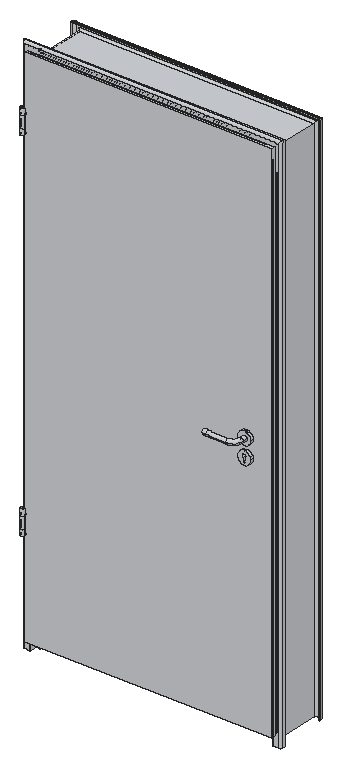
Revit family "BOS-Rundspiegelzarge-1rUud-MW_Familie", category Türen, Revit 2017 (continued)
Definition of nested family "BOS-Band-VX_Modell"
  Automatic sketch dimensions
    Extrusion 8 sketch curve to plane 1 = 1.214 mm
    Extrusion 8 sketch curve to Extrusion 8 sketch curve = 3.496 mm
    plane 1 to Extrusion 8 sketch curve = 4.667 mm
    Extrusion 8 sketch curve to Extrusion 8 sketch curve = 2.431 mm
    Extrusion 8 sketch curve to Extrusion 8 sketch curve = 0.001 mm
    Extrusion 8 sketch curve to Extrusion 8 sketch curve = 0.021 mm
    Extrusion 8 sketch curve to plane 1 = 0.017 mm
    Extrusion 8 sketch curve to Extrusion 8 sketch curve = 0.149 mm
    Extrusion 8 sketch curve to Extrusion 8 sketch curve = 2.05 mm
    Extrusion 9 sketch curve to Extrusion 9 sketch curve = 0 mm  (x6)
    Extrusion 9 sketch curve to curve 1 = 0 mm
    curve 1 to Extrusion 9 sketch curve = 0 mm
    Extrusion 9 sketch curve to curve 1 = 5.051 mm
    Extrusion 9 sketch curve to Extrusion 9 sketch curve = 4.091 mm
    Extrusion 9 sketch curve to curve 1 = 7.771 mm
    Extrusion 9 sketch curve to Extrusion 9 sketch curve = 2.203 mm
    Extrusion 9 sketch curve to Extrusion 9 sketch curve = 7.729 mm
    Extrusion 10 sketch curve to Extrusion 10 sketch curve = 0 mm  (x6)
    Extrusion 10 sketch curve to curve 1 = 0 mm
    curve 1 to Extrusion 10 sketch curve = 0 mm
    Extrusion 10 sketch curve to curve 1 = 5.051 mm
    Extrusion 10 sketch curve to Extrusion 10 sketch curve = 4.091 mm
    Extrusion 10 sketch curve to curve 1 = 7.771 mm
    Extrusion 10 sketch curve to Extrusion 10 sketch curve = 2.203 mm
    Extrusion 10 sketch curve to Extrusion 10 sketch curve = 7.729 mm
    Extrusion 11 sketch curve to Extrusion 11 sketch curve = 0 mm  (x3)
    plane 1 to Extrusion 11 sketch curve = 0 mm
    Extrusion 11 sketch curve to plane 3 = 0 mm
    Extrusion 11 sketch curve to plane 1 = 1.171 mm
    Extrusion 11 sketch curve to Extrusion 11 sketch curve = 6.421 mm
    plane 1 to Extrusion 11 sketch curve = 7.193 mm
    Extrusion 11 sketch curve to Extrusion 11 sketch curve = 0.526 mm
    Extrusion 11 sketch curve to Extrusion 11 sketch curve = 0.553 mm
    Extrusion 11 sketch curve to plane 1 = 0.901 mm
    plane 1 to Extrusion 11 sketch curve = 10.603 mm
    Extrusion 11 sketch curve to Extrusion 11 sketch curve = 3.5 mm
    Extrusion 11 sketch curve to Extrusion 11 sketch curve = 0.158 mm
    Extrusion 11 sketch curve to Extrusion 11 sketch curve = 1.739 mm
    plane 1 to Extrusion 11 sketch curve = 4.695 mm
    Extrusion 12 sketch curve to Extrusion 12 sketch curve = 0 mm  (x6)
    curve 1 to Extrusion 12 sketch curve = 0 mm  (x2)
    curve 1 to Extrusion 12 sketch curve = 46.34 mm
    Extrusion 12 sketch curve to Extrusion 12 sketch curve = 3.031 mm  (x2)
    Extrusion 12 sketch curve to Extrusion 12 sketch curve = 5.75 mm
    Extrusion 12 sketch curve to Extrusion 12 sketch curve = 1.346 mm
    Extrusion 12 sketch curve to Extrusion 12 sketch curve = 0.548 mm
    Extrusion 12 sketch curve to Extrusion 12 sketch curve = 1.017 mm
    Extrusion 12 sketch curve to Extrusion 12 sketch curve = 3.25 mm
    Extrusion 12 sketch curve to Extrusion 12 sketch curve = 1.75 mm
    Extrusion 13 sketch curve to Extrusion 13 sketch curve = 0 mm  (x6)
    curve 1 to Extrusion 13 sketch curve = 0 mm  (x2)
    curve 1 to Extrusion 13 sketch curve = 46.34 mm
    Extrusion 13 sketch curve to Extrusion 13 sketch curve = 3.031 mm  (x2)
    Extrusion 13 sketch curve to Extrusion 13 sketch curve = 5.75 mm
    Extrusion 13 sketch curve to Extrusion 13 sketch curve = 1.346 mm
    Extrusion 13 sketch curve to Extrusion 13 sketch curve = 0.548 mm
    Extrusion 13 sketch curve to Extrusion 13 sketch curve = 1.017 mm
    Extrusion 13 sketch curve to Extrusion 13 sketch curve = 3.25 mm
    Extrusion 13 sketch curve to Extrusion 13 sketch curve = 1.75 mm
    radius of Sweep 1 sketch curve = 6.5 mm
Definition of nested family "BOS-BOS_Modell"
  Parameters (values of type "BOS-BOS_Modell")
    Abstand = 22 mm
  Reference planes
    plane 1 "Mitte (Vorne/hinten)": y = 0
    plane 2: z = 0
    plane 3 "Mitte (Links/rechts)": x = 0
    plane 4 "BOS": x = -22
  Dimensions and locks
    "Abstand": plane 4 "BOS" to plane 3 "Mitte (Links/rechts)"
    aligned and locked: level to plane 2
    aligned and locked: plane 1 "Mitte (Vorne/hinten)" to text3d elem
    aligned and locked: text3d elem to level
Definition of nested family "BOS-Info-Texte_Beschriftung"
  Parameters (values of type "Drückerhöhe Warnung")
    Unten = yes
    Schwarz = yes
    Rot = no
    Oben = no
    Info-Text En unten = "Please take the handle depth/height and/or DIN opening direction into account!"
    Info-Text De unten = "Drückertiefen/-höhen und/oder DIN Richtungen beachten/anpassen!"
    Info-Text En oben = "Kein Text"
    Englisch unten rot = and(and(Unten, Englisch), Rot)  # no
    Englisch unten schwarz = and(and(Unten, Englisch), Schwarz)  # no
    Englisch oben rot = and(and(Oben, Englisch), Rot)  # no
    Englisch oben schwarz = and(and(Oben, Englisch), Schwarz)  # no
    Info-Text De oben = "Kein Text"
    Warndreieck = yes
    Fehlerkreis = no
    Englisch = no
    Deutsch unten rot = and(and(Unten, Deutsch), Rot)  # no
    Deutsch unten schwarz = and(and(Unten, Deutsch), Schwarz)  # yes
    Deutsch oben rot = and(and(Oben, Deutsch), Rot)  # no
    Deutsch oben schwarz = and(and(Oben, Deutsch), Schwarz)  # no
    Deutsch = not(Englisch)  # yes
    Ausrufezeichen = "!"
  Types (15, lengths in mm): name | Unten | Schwarz | Rot | Oben | Info-Text En unten | Info-Text De unten | Info-Text En oben | Info-Text De oben | Warndreieck | Fehlerkreis | Deutsch unten schwarz | Deutsch oben rot | Deutsch oben schwarz
    Rechtliche Hinweise | no | yes | no | yes | "Kein Text" | "Kein Text" | "In accordance with the protection note according to DIN 34, the ownership and copyrights are reserved!\r\n© 2016 BOS GmbH, Emsdetten, Germany -\r\nObserve the ISO 16016 protective label (see ID data)!\r\n\r\nSubject to technical change!" | "Entsprechend dem Schutzvermerk nach DIN 34 behalten wir uns Eigentum und Urheberrecht vor!\r\n© 2016 BOS GmbH, Emsdetten, Deutschland -\r\nSchutzvermerk ISO 16016 beachten (siehe ID-Daten)!\r\n\r\nTechnische Änderungen vorbehalten!" | no | no | no | no | yes
    Maulweite Fehlermeldung | no | yes | no | yes | "Kein Text" | "Kein Text" | "Check the wall thickness!" | "Wandstärke prüfen!" | no | yes | no | no | yes
    Verstellbereich | no | yes | no | yes | "Kein Text" | "Kein Text" | "Adjustment area from -5 to +15mm,\r\nother adjustment areas possible" | "Verstellbereich von -5 bis +15mm\r\nanderer Verstellbereich möglich" | no | no | no | no | yes
    Verstellbereich wSvdW | no | yes | no | yes | "Kein Text" | "Kein Text" | "Adjustment area in the soffit from -2 to +15mm,\r\nother adjustment areas possible" | "Verstellbereich in der Zargenleibung von -2 bis +15mm\r\nanderer Verstellbereich möglich" | no | no | no | no | yes
    Wandartauswahl 15Nz15Z | no | yes | no | yes | "Kein Text" | "Kein Text" | "Attention for stud walls: underlay from site required!\r\nFor DIN door leaves, select larger structural wall measurements.\r\nFor selection \"stud walls\":\r\nsee 'Features' (remove tick for brick walls)" | "Achtung bei Ständerwerk: bauseitige Unterfütterung erforderlich!\r\nBei DIN-Türblatt Rohbaumaße größer wählen.\r\nFür Auswahl \"Ständerwerk\": \r\nsiehe 'Eigenschaften' (Häkchen entfernen bei Mauerwerk)." | no | no | no | no | yes
    Technische Hinweise | no | yes | no | yes | "Kein Text" | "Kein Text" | "Due to manufacturing reasons this Revit family may not be changed\r\nwithout consulting BOS!\r\n\r\nDo not mirror frames (door list)!\r\nsee ‘Features’: DIN left / DIN right\r\n\r\nThe solid and stud walls or, for example, their profiles,\r\nmust be designed so that they can reliably and sustainably\r\nabsorb the static and dynamic forces resulting\r\nfrom the load on the door element used." | "Diese Revit-Familie darf aus fertigungstechnischen Gründen\r\nnicht ohne Rücksprache mit BOS abgeändert werden!\r\n\r\nZargen nicht spiegeln (Türliste)!\r\nsiehe 'Eigenschaften': DIN links / DIN rechts\r\n\r\nDie Massiv- und Ständerwerkswände bzw. deren Profile\r\nmüssen so ausgebildet sein, dass sie die statischen\r\nund dynamischen Kräfte, welche sich aus der Belastung\r\ndes verwendeten Türelements ergeben, zuverlässig\r\nund nachhaltig aufnehmen können." | no | no | no | no | yes
    Drückerhöhe Warnung | yes | yes | no | no | "Please take the handle depth/height and/or DIN opening direction into account!" | "Drückertiefen/-höhen und/oder DIN Richtungen beachten/anpassen!" | "Kein Text" | "Kein Text" | yes | no | yes | no | no
    Maulweite-Dehnungsfuge Fehlermeldung | no | yes | no | yes | "Kein Text" | "Kein Text" | "Check the wall thickness and/or expansion joint!" | "Wandstärke und/oder Dehnungsfuge prüfen!" | no | yes | no | no | yes
    Technische Hinweise Norm | no | yes | no | yes | "Kein Text" | "Kein Text" | "Due to manufacturing reasons this Revit family may not be changed\r\nwithout consulting BOS!\r\n\r\nThe solid and stud walls or, for example, their profiles,\r\nmust be designed so that they can reliably and sustainably\r\nabsorb the static and dynamic forces resulting\r\nfrom the load on the door element used." | "Diese Revit-Familie darf aus fertigungstechnischen Gründen\r\nnicht ohne Rücksprache mit BOS abgeändert werden!\r\n\r\nDie Massiv- und Ständerwerkswände bzw. deren Profile\r\nmüssen so ausgebildet sein, dass sie die statischen\r\nund dynamischen Kräfte, welche sich aus der Belastung\r\ndes verwendeten Türelements ergeben, zuverlässig\r\nund nachhaltig aufnehmen können." | no | no | no | no | yes
    Maßauswahl | no | no | yes | yes | "Kein Text" | "Kein Text" | "To choose  Rebate Width/Height Measurement, Receiving Opening\r\nsee 'Features'" | "Auswahl von FMB, FMH, MW\r\nunter 'Eigenschaften'" | no | no | no | yes | no
    Rohbaumaß Warnung (Spiegelbreiten) | no | yes | no | yes | "Kein Text" | "Kein Text" | "For DIN door leaves, select larger structural wall measurements!\r\nWhen changing the architrave widths, the structural measurements change accordingly." | "Bei DIN-Türblatt Rohbaumaße größer wählen!\r\nBei Änderung der Spiegelbreiten, Rohbaumaße beachten." | no | no | no | no | yes
    Drehpunkt Warnung | no | yes | no | yes | "Kein Text" | "Kein Text" | "The actual pivot point of the door leaf\r\nmay differ from the one illustrated!" | "Der tatsächliche Drehpunkt des Türblattes\r\nkann von der Darstellung abweichen!" | no | no | no | no | yes
    Türblattgewicht Hinweis | no | yes | no | yes | "Kein Text" | "Kein Text" | "Attention! Take door leaf weight into account!\r\nSee Webseite" | "Achtung! Türblattgewicht beachten!\r\nSiehe Webseite" | no | no | no | no | yes
    Pendeltürbänder Hinweis | no | yes | no | yes | "Kein Text" | "Kein Text" | "Please observe the instructions for the double action spring hinges\r\ngiven by the door hinge manufacturer Frivado\r\nregarding door leaf width, height and thickness!" | "Die Angaben zu den Pendeltürbändern\r\ndes Herstellers Fridavo beachten: zu \r\nTürblattbreite, -höhe, -dicke und -gewicht!" | no | no | no | no | yes
    Rohbaumaß Warnung | no | yes | no | yes | "Kein Text" | "Kein Text" | "For DIN door leaves, select larger structural wall measurements!" | "Bei DIN-Türblatt Rohbaumaße größer wählen!" | no | no | no | no | yes
  Reference planes
    plane 1: y = 0.955
    plane 2: x = 0
  Lines and regions (mm)
    Filled region 1, type "Gefüllter Bereich Gelb", visible <- "Warndreieck"
      outline origin (-7.188, 1.747, 0) x (1, 0, 0) y (0, 1, 0)
        loop
          line (5.951, -3.033) -> (8.413, -3.033) -> (7.182, -0.9) -> (5.951, -3.033)
    Filled region 2, type "Gefüllter Bereich Rot", visible <- "Fehlerkreis"
      outline origin (0, -3.763, 0) x (1, 0, 0) y (0, 1, 0)
        loop
          circle (0, 3.1) r 1.5
        loop
          line (-0.937, 3.486) -> (-0.937, 2.686) -> (1.023, 2.686) -> (1.023, 3.486) -> (-0.937, 3.486)
    Filled region 3, type "Gefüllter Bereich Weiss", visible <- "Fehlerkreis"
      outline origin (-7.014, -2.062, 0) x (1, 0, 0) y (0, 1, 0)
        loop
          line (6.077, 1.785) -> (6.077, 0.985) -> (8.038, 0.985) -> (8.038, 1.785) -> (6.077, 1.785)
  Text (mm)
    label "Info-Text De oben schwarz" at (0.065, 1.415, 0), shows "Info-Text De oben", visible <- "Deutsch oben schwarz"
    label "!" at (0.065, -0.414, 0), shows "Ausrufezeichen", visible <- "Warndreieck"
    label "Info-Text En oben schwarz" at (0.065, 1.415, 0), shows "Info-Text En oben", visible <- "Englisch oben schwarz"
    label "Info-Text De unten schwarz" at (0.218, -2.468, 0), shows "Info-Text De unten", visible <- "Deutsch unten schwarz"
    label "Info-Text En unten schwarz" at (0.065, -2.419, 0), shows "Info-Text En unten", visible <- "Englisch unten schwarz"
    label "Info-Text En oben rot" at (0.065, 1.415, 0), shows "Info-Text En oben", visible <- "Englisch oben rot"
    label "Info-Text En unten rot" at (0.065, -2.419, 0), shows "Info-Text En unten", visible <- "Englisch unten rot"
    label "Info-Text De unten rot" at (0.065, -2.419, 0), shows "Info-Text De unten", visible <- "Deutsch unten rot"
    label "Info-Text De oben rot" at (-0.371, 1.396, 0), shows "Info-Text De oben", visible <- "Deutsch oben rot"
Definition of nested family "BOS-loser-Propelleranker_Detail"
  Parameters (values of type "BOS-loser-Propelleranker_Detail")
    URL = "www.BestOfSteel.de"
    Rechtliche Hinweise = "www.BestOfSteel.de/tools-downloads/bim-building-information-modeling/"
    Model = ""
    MW Maulweite = 200 mm
    Manufacturer = "BOS GmbH Best Of Steel, Lütkenfelde 4, D-48282 Emsdetten"
    Einfügepunkt = 37 mm
    Bügelankerlänge vorne = 0.4 * MW Maulweite  # 80 mm
    Bügelankerlänge hinten = 0.4 * MW Maulweite  # 80 mm
    Description = "loser Propelleranker"
    Keynote = "BOS Detail"
    BOS-Architekten-Beratung = "Tel.: +49 (0) 2572 203-203; E-Mail: architekten@BestOfSteel.de"
    Technische Infos rund um die Stahlzarge = "www.BestOfSteel.de/tools-downloads/technische-infos-rund-um-die-stahlzarge/"
    Ankerstärke = 1.5 mm
    Abbiegung vorne = 15 mm
    Abbiegung hinten = 15 mm
  Reference planes
    plane 1: y = 0
    plane 2: z = 0
    plane 3: x = 0
    plane 4: y = 170
    plane 5: x = 5
    plane 6: y = 185
    plane 7: y = -15
    plane 8: x = -50
    plane 9: y = 85
    plane 10: y = 165
    plane 11: y = 5
    plane 12: x = 20
    plane 13: x = 37
    plane 14: x = 20
  Lines and regions (mm)
    detail lines, in view "Ref.-Ebene"
      curve 1: line (-50, 0, 0) -> (5, 0, 0)
      curve 2: line (5, 0, 0) -> (5, 170, 0)
      curve 3: line (5, 170, 0) -> (-50, 170, 0)
      curve 4: line (0, 170, 0) -> (0, 0, 0)
      curve 5: line (5, 85, 0) -> (20, 165, 0)
      curve 6: line (20, 165, 0) -> (21.474, 164.724, 0)
      curve 7: line (21.474, 164.724, 0) -> (6.526, 85, 0)
      curve 8: line (5, 85, 0) -> (20, 5, 0)
      curve 9: line (20, 5, 0) -> (21.474, 5.276, 0)
      curve 10: line (21.474, 5.276, 0) -> (6.526, 85, 0)
  Dimensions and locks
    plane 4 to plane 6 = 15 mm
    plane 7 to plane 1 = 15 mm
    "MW Maulweite": plane 7 to plane 6
    plane 8 to plane 3 = 50 mm
    plane 3 to plane 5 = 5 mm
    "Einfügepunkt": plane 3 to plane 13
    equal spacing: plane 7, plane 9, plane 6
    "Bügelankerlänge vorne": plane 11 to plane 9
    "Bügelankerlänge hinten": plane 9 to plane 10
    "Abbiegung vorne": plane 5 to plane 12
    "Abbiegung hinten": plane 5 to plane 14
    "Ankerstärke": curve 7 to curve 5
    "Ankerstärke": curve 8 to curve 10
  Automatic sketch dimensions
    plane 1 to curve 1 = 0 mm
    curve 1 to plane 8 = 0 mm
    curve 3 to plane 4 = 0 mm
    curve 3 to plane 8 = 0 mm
    curve 4 to plane 3 = 0 mm
    curve 1 to plane 5 = 0 mm
    plane 9 to curve 10 = 0 mm
    curve 9 to plane 11 = 0 mm
    curve 9 to plane 12 = 0 mm
    curve 5 to plane 10 = 0 mm
    curve 5 to plane 12 = 0 mm
Definition of nested family "BOS-Logo_Modell"
  Parameters (values of type "BOS-Logo_Modell")
    URL = "www.BestOfSteel.de"
    Rechtliche Hinweise = "www.BestOfSteel.de/tools-downloads/bim-building-information-modeling/"
    Description = "BOS Logo"
    Keynote = "BOS Logo"
    BOS-Architekten-Beratung = "Tel.: +49 (0) 2572 203-203; E-Mail: architekten@BestOfSteel.de"
    Technische Infos rund um die Stahlzarge = "www.BestOfSteel.de/tools-downloads/technische-infos-rund-um-die-stahlzarge/"
    Abstand vertikal = 10 mm
    Abstand horizontal = 15 mm
  Reference planes
    plane 1: y = 0
    plane 2: z = 0
    plane 3: x = 0
    plane 4: x = -7
    plane 5: x = 7
    plane 6: y = 8.299
    plane 7: x = 15
    plane 8: y = 4.15
    plane 9: x = -15
    plane 10: y = 14.15
    plane 11: y = -5.85
  Dimensions and locks
    plane 4 to plane 3 to plane 5 = 7 mm, 7 mm
    "Abstand vertikal": plane 11 to plane 8 to plane 10
    plane 6 to plane 8 to plane 1 = 4.15 mm, 4.15 mm
    "Abstand horizontal": plane 9 to plane 3
    "Abstand horizontal": plane 3 to plane 7
    aligned and locked: level to plane 2
Types (4, lengths in mm): name | Spiegel vorne max. | Spiegel hinten max. | Türblattversatz vertikal | Türblattversatz  horizontal | Türblattabstand 1 | Stumpf | LDH Lichte Durchgangs Höhe   Clearance Height | LDB Lichte Durchgangs Breite   Clearance Width | Gefälzt | Türblattstärke 3 | Türblattstärke 2 | Türblattstärke 1 | Türblattstärke | Falztiefe gesamt | Falztiefe | Falzaufschlag gesamt | Doppelfalz | Einfachfalz | Dichtungsversatz vertikal 2 | Dichtungsversatz vertikal 1 | Dichtung 2 | Drehpunktposition vertikal | Drehpunktposition horizontal | Drehpunktabstand (FM) horizontal | Drehpunktabstand (SP) vertikal | Bänder - Auswahl | 1rUsFd | 1rUuFd | Modell | 1rUud | 1rUsd | Beschreibung
  1rUud | 65 | 30 | -3.5 | 11.5 | 1.5 | no | 2093 | 936 | yes | 0 | 25.5 | 14.5 | 40 | 28.5 | 28.5 | 15 | no | yes | 46.5 | 21.5 | no | 129.5 | 1509 | 21 | 12.5 | "3D Bänder gefälzt, Bandaufnahmen BVX11000" | no | no | "1rUud" | yes | no | "Rundspiegelzarge als Umfassungsprofil für Mauerwerk, gefälzt"
  1rUuFd | 50 | 45 | -3.5 | 11.5 | 1.5 | no | 2078 | 906 | yes | 25 | 25.5 | 14.5 | 65 | 53.5 | 28.5 | 30 | yes | no | 46.5 | 21.5 | yes | 129.5 | 1509 | 21 | 12.5 | "3D Bänder gefälzt, Bandaufnahmen BVX11000" | no | yes | "1rUuFd" | no | no | "Rundspiegelzarge als Umfassungsprofil für Mauerwerk, gefälzt, mit Doppelfalz"
  1rUsd | 65 | 30 | 15.5 | 6 | -2 | yes | 2093 | 936 | no | 0 | 40 | 0 | 40 | 46.5 | 46.5 | 15 | no | yes | 64.5 | 39.5 | no | 130.5 | 1490.5 | 2.5 | 13.5 | "3D Bänder stumpf, Bandaufnahmen BVX11000" | no | no | "1rUsd" | no | yes | "Rundspiegelzarge als Umfassungsprofil für Mauerwerk, stumpf"
  1rUsFd | 50 | 45 | 15.5 | 6 | -2 | yes | 2078 | 906 | no | 25 | 40 | 0 | 65 | 71.5 | 46.5 | 30 | yes | no | 64.5 | 39.5 | yes | 130.5 | 1490.5 | 2.5 | 13.5 | "3D Bänder stumpf, Bandaufnahmen BVX11000" | yes | no | "1rUsFd" | no | no | "Rundspiegelzarge als Umfassungsprofil für Mauerwerk, stumpf, mit Doppelfalz"
